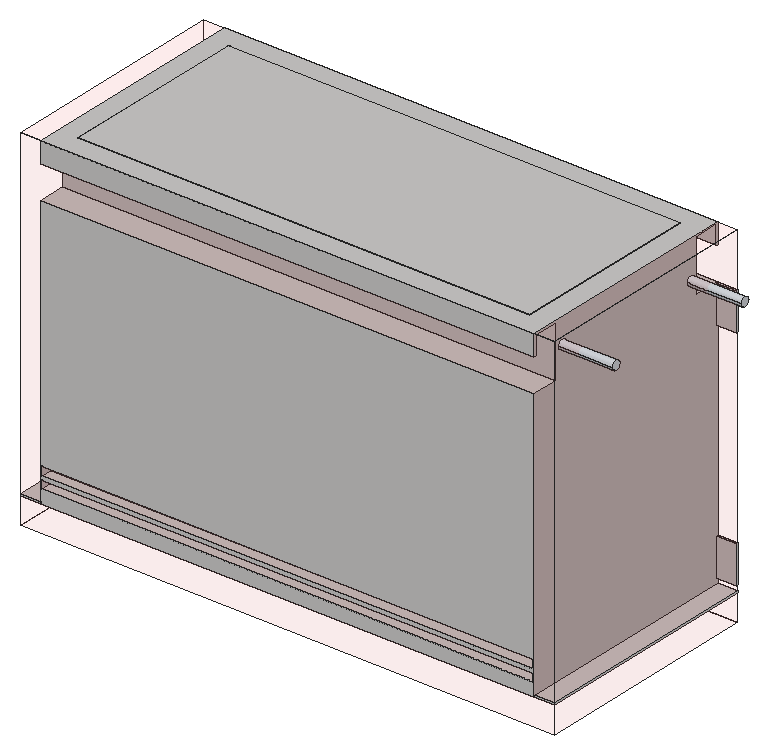
Revit family "Air-Curtain_Climate-Control_PoweredAire_THS", category Mechanical Equipment, host Face, Revit 2024
Family settings
  Host = Face
  Round Connector Dimension = Use Diameter
  Part Type = Normal
  OmniClass Number = 23.75.35.17.21
  OmniClass Title = Air Curtains
  Cut with Voids When Loaded = No
  Maintain Annotation Orientation = No
  Shared = No
  Room Calculation Point = No
Parameters
  upperrotation [instance] = if(Upper Pipe Connection Side A, 0.00°, 180.00°)  # 0.00°
  lowerrotation [instance] = if(Lower Pipe Connection Side A, 0.00°, 180.00°)  # 0.00°
  locateupperpipe [instance] = if(Upper Pipe Connection Side A, 0' 0", Nozzle Width)  # 0' - 0"
  locatelowerpipe [instance] = if(Lower Pipe Connection Side A, 0' 0", Nozzle Width)  # 0' - 0"
  Warranty Duration (Years) = 0
  Upper Pipe Connection Side A [instance] = yes
  Unit Width Notes = "Other Widths available."  # constant formula
  Unit Width = 3' - 3"
  Unit Weight = 0
  Unit Height = 1' - 4 3/4"
  Unit Depth [instance] = if(Include Filters, 2' 1 7/8", 1' 11 3/4")  # 1' - 11 3/4"
  URL = "http://www.poweredaire.com/"
  Test Data = ""
  Temperature Rise_Range = "as Specified"
  Standards Conformance = "as Specified"
  Specification = "http://www.arcat.com/sdspecs/htm04/23_34_33pai.htm"
  SpecWizard = ""
  Sound Pressure = "as Specified"
  Sales Information = "http://www.poweredaire.com/contact_us"
  Revision = "R1_2016-08"
  Projection from Host [instance] = 0' - 2"
  Product Properties = ""
  Product Data = "http://www.arcat.com/arcatcos/cos47/arc47623.html"
  Power Rating = 0 W
  Piping_Water Flow [instance] = 0 GPM
  Piping_Operating Pressure [instance] = 0.00 psi
  Piping_Exit Temperature [instance] = 0 °F
  Piping_Entry Temperature [instance] = 0 °F
  Pipe OD [instance] = 5/8"
  Outlet Volume_Range = "as Specified"
  Outlet Velocity_Range = "as Specified"
  Nozzle Width = if(1 = 1, Unit Width - 0' 3", 0' 0")  # 3' - 0"
  Mounting Width = if(1 = 1, Unit Width - 0' 1 1/2", 0' 0")  # 3' - 1 1/2"
  Mounting Height [instance] = 3' - 6"
  Motor RPM = 0
  Motor HP = 0
  Motor Count = 0
  Model = "As Specified"
  Max Height = 0' - 0"
  Manufacturer Website = "http://www.poweredaire.com/"
  Manufacturer Phone - Toll Free = "888-321-2473"
  Manufacturer Phone = "724-588-3305"
  Manufacturer Fax = "724-588-3371"
  Manufacturer Address = "109 Mortensen Rd.  Greenville, PA 16125"
  Manufacturer = "Powered Aire, Inc"
  Maintenance Schedule (Months) = 0
  Lower Pipe Connection Side A [instance] = yes
  Keynote = "23 34 33"
  Installation-Fabrication = ""
  Installation Phase = ""
  Include Filters [instance] = no
  Include Clearance [instance] = yes
  Heating Element Load = 0 W
  HVAC_Temperature Rise [instance] = 0 °F
  HVAC_Outlet Volume [instance] = 0 CFM
  HVAC_Outlet Velocity Uniformity = 0
  HVAC_Outlet Velocity [instance] = 0 FPM
  HVAC_BTU Input = 0.0 Btu/h
  Green Building-LEED = "http://www.arcat.com/green/clients/leed_data_47623.html"
  Front Grating Material [instance] = Metal - Steel - PoweredAire - Stainless 304 Perforated
  Frame Finish [instance] = Metal - Steel - PoweredAire - Stainless 304
  Expected Lifespan (Years) = 0
  Electrical_Wattage [instance] = Power Rating + Heating Element Load  # 0 W
  Electrical_Voltage [instance] = 0 V
  Electrical_Phase [instance] = 1
  Electrical_Frequency [instance] = 0 Hz
  Electrical_Amperage [instance] = 0 A
  Drawn By = "Sumex Design, Inc. / Robert S. Weygant, CSI, CDT, SCIP"
  Description = "Powered Aire Air Curtain as Specified"
  Default Elevation = 0' - 0"  # constant formula
  Copyright = "©Arcat Inc."
  Construction Details = "http://www.arcat.com/details/powair/prod3336.html"
  Clearance_Top [instance] = 0' - 0"
  Clearance_Side B [instance] = 0' - 0"
  Clearance_Side A [instance] = 0' - 0"
  Clearance_Intake [instance] = 0' - 0"
  Clearance_Bottom [instance] = 0' - 0"
  Clearance Material [instance] = ARCAT Clearance
  Building Codes = ""
  Available Options [instance] = "as Specified"
  Assembly Code = "D3090400"
Reference planes (in)
  plane 1 "Center (Elevation)": y = 0.13818
  plane 2: z = 0
  plane 3 "Center (Left/Right)": x = 0
  plane 4: y = 8.51318
  plane 5: y = -8.23682
  plane 6: x = -19.5
  plane 7: x = 19.5
  plane 8: z = 25.75
  plane 9 "FF": y = -41.86182
  plane 10: z = 2
  plane 11: x = 18
  plane 12: x = -18
  plane 13: y = 8.51318
  plane 14: y = -8.23682
  plane 15: x = -19.5
  plane 16: x = 19.5
  plane 17: z = 25.75
  plane 18: x = 17.9375
  plane 19: x = -17.9375
  plane 20: x = 18
  plane 21: x = 18
  plane 22: y = 6.01318
  plane 23: y = -5.73682
Forms (in)
  Extrusion 1, solid, material "Metal - Steel - PoweredAire - Stainless 304" <- "Frame Finish"
    sketch origin (0, 0, 0) x (0, 1, 0) y (0, 0, 1)
      loop
        line (-8.23682, 2) -> (8.51318, 2) -> (8.51318, 21.8125) -> (6.51318, 21.8125) -> (6.51318, 25.625) -> (8.38818, 25.625) -> (8.38818, 24.25) -> (8.51318, 24.25) -> (8.51318, 25.75) -> (-8.23682, 25.75) -> (-8.23682, 24.25) -> (-8.11182, 24.25) -> (-8.11182, 25.625) -> (-6.23682, 25.625) -> (-6.23682, 21.8125) -> (-8.23682, 21.8125) -> (-8.23682, 2)
    from -18 to 18
  Extrusion 2, solid, material "ARCAT Clearance" <- "Clearance Material", visible <- "Include Clearance"
    sketch origin (0, 0, 0) x (0, 1, 0) y (0, 0, 1)
      loop
        line (-8.23682, 25.75) -> (-8.23682, 0) -> (8.51318, 0) -> (8.51318, 25.75) -> (-8.23682, 25.75)
    from -19.5 to 19.5
  Extrusion 3, solid, material "Metal - Steel - PoweredAire - Stainless 304" <- "Frame Finish"
    sketch origin (-15.17702, -180, 2) x (-1, 0, 0) y (0, -1, 0)
      loop
        line (-33.17702, -188.51318) -> (-33.17702, -171.76318) -> (-34.67702, -171.76318) -> (-34.67702, -188.51318) -> (-33.17702, -188.51318)
      loop
        line (2.82298, -188.51318) -> (4.32298, -188.51318) -> (4.32298, -171.76318) -> (2.82298, -171.76318) -> (2.82298, -188.51318)
    from 0 to 0.125
  Extrusion 4, solid, material "Metal - Steel - PoweredAire - Stainless 304" <- "Frame Finish"
    sketch origin (-11.83813, 8.51318, 48) x (-1, 0, 0) y (0, 0, 1)
      loop
        line (-29.83813, -45.5) -> (-29.83813, -42.75) -> (-31.33813, -42.75) -> (-31.33813, -45.5) -> (-29.83813, -45.5)
      loop
        line (-29.83813, -28.9375) -> (-29.83813, -26.1875) -> (-31.33813, -26.1875) -> (-31.33813, -28.9375) -> (-29.83813, -28.9375)
      loop
        line (6.16187, -45.5) -> (7.66187, -45.5) -> (7.66187, -42.75) -> (6.16187, -42.75) -> (6.16187, -45.5)
      loop
        line (6.16187, -28.9375) -> (7.66187, -28.9375) -> (7.66187, -26.1875) -> (6.16187, -26.1875) -> (6.16187, -28.9375)
    from 0 to -0.125
  Extrusion 5, void
    sketch origin (0, 0, 0) x (0, 1, 0) y (0, 0, 1)
      loop
        line (-8.23682, 3) -> (-7.23682, 3) -> (-7.23682, 4.5) -> (-8.23682, 4.5) -> (-8.23682, 3.82425) -> (-7.38364, 3.82425) -> (-7.38364, 3.57425) -> (-8.23682, 3.57425) -> (-8.23682, 3)
    from -17.9375 to 17.9375
  Extrusion 6, solid, material "Metal - Steel - PoweredAire - Stainless 304 Perforated" <- "Front Grating Material"
    sketch origin (0, -8.23682, 25.75) x (0, 1, 0) y (-1, 0, 0)
      loop
        line (15.25, 16.5) -> (1.5, 16.5) -> (1.5, -16.5) -> (15.25, -16.5) -> (15.25, 16.5)
    from 0 to 0.03125
  Sweep 7, solid
    path origin (18, 6.01318, 0) x (1, 0, 0) y (0, 1, 0)
      loop
        line (0, 0) -> (4, 0)
    profile origin (20, 6.01318, 0) x (0, 1, 0) y (0, 0, 1)
      loop
        circle (0, 23) r 0.3125
  Sweep 8, solid
    path origin (18, -5.73682, 0) x (1, 0, 0) y (0, 1, 0)
      loop
        line (0, 0) -> (4, 0)
    profile origin (20, -5.73682, 0) x (0, 1, 0) y (0, 0, 1)
      loop
        circle (0, 24) r 0.3125
Cuts and joins
  Extrusion 5 cuts Extrusion 1
Lines and regions (in)
  reference lines
    curve 1: line (18, 6.01318, 0) -> (22.75, 6.01318, 0)
    curve 2: line (18, -5.73682, 0) -> (23.75, -5.73682, 0)
Dimensions and locks (in)
  equal spacing: plane 4, plane 1 "Center (Elevation)", plane 5
  "Unit Height": plane 4 to plane 5
  equal spacing: plane 6, plane 3 "Center (Left/Right)", plane 7
  "Unit Width": plane 6 to plane 7
  "Mounting Height": plane 1 "Center (Elevation)" to plane 9 "FF"
  "Projection from Host": plane 10 to level
  "Unit Depth": plane 8 to plane 10
  locked: plane 6 to plane 12 at 1.5
  locked: plane 11 to plane 7 at 1.5
  "Clearance_Side A": plane 7 to plane 16
  "Clearance_Side B": plane 15 to plane 6
  "Clearance_Top": plane 13 to plane 4
  "Clearance_Bottom": plane 5 to plane 14
  "Clearance_Intake": plane 17 to plane 8
  plane 5 to Extrusion 1 sketch curve to Extrusion 1 sketch curve = 0' - 0 1/8" locked, 0' - 1 7/8" locked
  Extrusion 1 sketch curve to Extrusion 1 sketch curve to plane 4 = 0' - 1 7/8" locked, 0' - 0 1/8" locked
  Extrusion 4 sketch curve to Extrusion 4 sketch curve to Extrusion 4 sketch curve to Extrusion 4 sketch curve to plane 10 = 0' - 2 3/4" locked, 1' - 1 13/16" locked, 0' - 2 3/4" locked, 0' - 0 1/2" locked
  Extrusion 4 sketch curve to Extrusion 4 sketch curve to Extrusion 4 sketch curve to Extrusion 4 sketch curve = 0' - 2 3/4" locked, 1' - 1 13/16" locked, 0' - 2 3/4" locked
  locked: Extrusion 4 sketch curve to plane 10 at 0.5
  plane 8 to Extrusion 1 sketch curve to Extrusion 1 sketch curve = 0' - 0 1/8" locked, 0' - 1 3/8" locked  (x2)
  locked: Extrusion 1 sketch curve to plane 10 at 19.8125  (x2)
  Extrusion 5 sketch curve to Extrusion 5 sketch curve to Extrusion 5 sketch curve to Extrusion 5 sketch curve to plane 10 = 0' - 0.67575" locked, 0' - 0 1/4" locked, 0' - 0.57425" locked, 0' - 1" locked
  plane 5 to Extrusion 5 sketch curve to Extrusion 5 sketch curve = 0' - 0.85319" locked, 0' - 0.14681" locked
  locked: plane 19 to plane 12 at 0.0625
  locked: plane 11 to plane 18 at 0.0625
  locked: plane 4 to Extrusion 6 sketch curve at 1.5
  locked: Extrusion 6 sketch curve to plane 5 at 1.5
  locked: Extrusion 6 sketch curve to plane 11 at 1.5
  locked: plane 12 to Extrusion 6 sketch curve at 1.5
  "locateupperpipe": plane 20 to plane 11
  "locatelowerpipe": plane 21 to plane 11
  locked: plane 4 to plane 22 at 2.5
  locked: plane 23 to plane 5 at 2.5
  locked: curve 1 to Sweep 7 sketch curve at 4
  locked: curve 1 to Sweep 7 sketch curve
  locked: Sweep 7 sketch curve to plane 10 at 21
  locked: curve 2 to Sweep 8 sketch curve at 4
  locked: curve 2 to Sweep 8 sketch curve
  locked: Sweep 8 sketch curve to plane 10 at 22
  "upperrotation": angle plane 22 to curve 1
  "lowerrotation": angle plane 23 to curve 2
  aligned and locked: plane 2 to host face
  aligned and locked: level to host face
  aligned and locked: Extrusion 2 sketch curve to plane 17
  aligned and locked: plane 14 to Extrusion 2 sketch curve
  aligned and locked: level to Extrusion 2 sketch curve
  aligned and locked: Extrusion 2 sketch curve to plane 13
  aligned and locked: plane 16 to Extrusion 2
  aligned and locked: Extrusion 2 to plane 15
  aligned and locked: plane 11 to Extrusion 1
  aligned and locked: Extrusion 1 to plane 12
  aligned and locked: plane 21 to curve 2
  aligned and locked: plane 23 to curve 2
  aligned and locked: plane 22 to curve 1
  aligned and locked: plane 20 to curve 1
Automatic sketch dimensions
  host sketch curve to host sketch curve = 8' - 0"  (x2)
  Extrusion 1 sketch curve to plane 5 = 0' - 0"  (x2)
  Extrusion 1 sketch curve to plane 4 = 0' - 0"  (x2)
  Extrusion 1 sketch curve to plane 10 = 0' - 0"
  Extrusion 1 sketch curve to plane 8 = 0' - 0"
  plane 4 to Extrusion 3 sketch curve = 0' - 0"
  Extrusion 3 sketch curve to plane 7 = 0' - 0"
  plane 5 to Extrusion 3 sketch curve = 0' - 0"
  Extrusion 3 sketch curve to plane 11 = 0' - 0"
  Extrusion 3 sketch curve to plane 4 = 0' - 0"
  Extrusion 3 sketch curve to plane 12 = 0' - 0"
  Extrusion 3 sketch curve to plane 6 = 0' - 0"
  Extrusion 3 sketch curve to plane 5 = 0' - 0"
  Extrusion 4 sketch curve to plane 7 = 0' - 0"  (x2)
  Extrusion 4 sketch curve to plane 11 = 0' - 0"  (x2)
  Extrusion 4 sketch curve to plane 12 = 0' - 0"  (x2)
  Extrusion 4 sketch curve to plane 6 = 0' - 0"  (x2)
  Extrusion 5 sketch curve to plane 5 = 0' - 0"  (x2)
  Sweep 7 sketch curve to profile plane = 0' - 0"
  Sweep 8 sketch curve to profile plane = 0' - 0"
  radius of Sweep 7 sketch curve = 0' - 0 5/16"
  radius of Sweep 8 sketch curve = 0' - 0 5/16"
Connectors (in)
  piping at (22, 6.01318, 23), diameter 0.625, driven by "Pipe OD", driven by "Piping_Water Flow"
    settings: on Sweep 7, index 1, connector inside diameter 24", connector length 0' - 0", flow factor 0, pipe flow 0 GPM, pressure drop 0.00 psi, fitting loss kfactor 0, connector angle 0.00°, fixture units 0, engagement length 0' - 0", angle of deflection 0.00°, flow configuration 0, flow direction 0, fitting loss method 0, system type 29, joint type 0, gender type 0, connector reference index -1, connector utility 0, adjustable connector no, is connector primary yes, connector description "Define Supply or Return and Location"
  piping at (22, -5.73682, 24), diameter 0.625, driven by "Pipe OD", driven by "Piping_Water Flow"
    settings: on Sweep 8, index 2, connector inside diameter 24", connector length 0' - 0", flow factor 0, pipe flow 0 GPM, pressure drop 0.00 psi, fitting loss kfactor 0, connector angle 0.00°, fixture units 0, engagement length 0' - 0", angle of deflection 0.00°, flow configuration 0, flow direction 0, fitting loss method 0, system type 29, joint type 0, gender type 0, connector reference index -1, connector utility 0, adjustable connector no, is connector primary no, connector description "Define Supply or Return and Location"
  electrical at (-18, 0.13818, 21.39062), driven by "Electrical_Voltage", driven by "Electrical_Phase"
    settings: on cut or joined group of Extrusion 1, Extrusion 5, index 3, voltage 0 V, apparent load 0 VA, apparent load phase1 0 VA, apparent load phase2 0 VA, apparent load phase3 0 VA, power factor 1, load classification "Motor", number of poles 1, system type 31, power factor state 1, is connector primary yes, connector utility no, sub classification motor no, connector description ""
